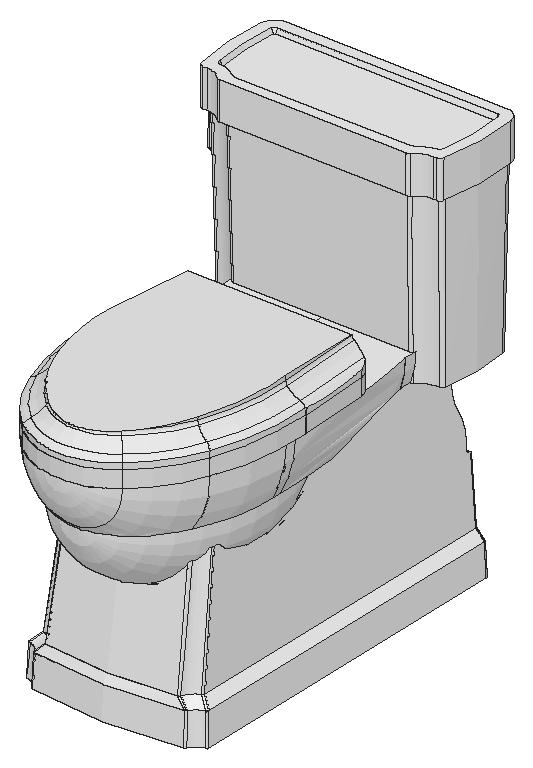
Revit family "Toilet-Elongated_Traditional_Eco-Guinevere_ADA_MS974224CEFG_TOTO", category Plumbing Fixtures, host Face, Revit 2013
Parameters (values of type "MS974224CEFG")
  ecoScorecard_data = "http://toto.ecoscorecard.com/product/MS974224CEFG"
  ecoScorecard Product Page = "http://toto.ecoscorecard.com/product/MS974224CEFG"
  Width = 18"  # constant formula
  WaterSense = yes
  Waste Connection NPT Radius = 1 3/32"
  Waste Connection = yes
  Warranty URL = "http://www.totousa.com/warranty-registration"
  Warranty = "One Year Limited Warranty"  # constant formula
  WFU = 0
  Vent Connection = yes
  URL = "http://www.totousa.com"
  Toto BIM Number = "BM-00133"  # constant formula
  Subcategory = "Toilets"  # constant formula
  Style = "Traditional"  # constant formula
  Spec Sheet URL = "http://assets.totousa.com/product-files/SS-00377_MS974224CEF_G.pdf"
  Shipping Weight = 120.00 lbf
  Series = "Eco Guinevere"  # constant formula
  SanoGloss Note = "Ebony not available in SanoGloss"  # constant formula
  SanoGloss Available = yes
  Rough in Distance = 12"
  Rough in Availability = "10”, 12”, 14”"  # constant formula
  Product Page URL = " "
  Parts Manual URL = " "
  Mount Type = "Floor-Mounted"  # constant formula
  Model = "MS974224CEFG"
  Manufacturer Phone - Toll Free = "1-888-295-8134"  # constant formula
  Manufacturer Phone = "(770) 282-8686"  # constant formula
  Manufacturer Fax = "(770) 282-0002"  # constant formula
  Manufacturer Email = "mailto:custservice@totousa.com"
  Manufacturer Address = "1155 Southern Road, Morrow, Georgia 30260"  # constant formula
  Manufacturer = "TOTO USA, Inc."  # constant formula
  Lid [instance] = yes
  Length = 28 1/4"  # constant formula
  Installation URL = " "
  Industry Standards = "Meets and exceeds ASME A112.19.2/CSA B45.1"  # constant formula
  Height = 28 3/8"  # constant formula
  HWFU = 0
  HW Connection = no
  Gallons Per Flush = 1.28 gal
  Flush System = "Double Cyclon"  # constant formula
  Finish = Vitreous China - TOTO - 01 Cotton
  Description = "Eco GuinevereÂ® Toilet, 1.28 GPF - ADA with SanaGlossÂ®"  # constant formula
  Default Elevation = 0"
  Cost Info = "mailto:custservice@totousa.com "
  Color Availability = "#01 Cotton, #03 Bone, #11 Colonial White, #12 Sedona Beige, #51 Ebony"  # constant formula
  Cold Water Connection NPT Radius = 1/4"
  Code Compliance = "UPC, IPC, NSPC, NPC Canada, and others"  # constant formula
  Certifications = "IAPMO (cUPC), State of Massachusetts, City of Los Angeles, and others"  # constant formula
  CWFU = 0
  CW Connection = yes
  CAD Drawing URL = "http://assets.totousa.com/product-files/AD-00181_MS974224C.dxf"
  Bowl Material = "Vitreous China"  # constant formula
  Assembly Code = "D2010110"
  ADA Compliant = yes
  95 CSI = "15410-800"  # constant formula
  04 CSI = "22 42 13"  # constant formula
Reference planes (in)
  plane 1 "Center (Front/Back)": y = 0
  plane 2: z = 0
  plane 3 "Center (Left/Right)": x = 0
  plane 4: y = -14.125
  plane 5: y = 14.125
  plane 6: z = 28.375
  plane 7: x = 7
  plane 8: x = -7
  plane 9: x = 8.425
  plane 10: x = -9.575
  plane 11: z = 16.125
  plane 12: x = -8
  plane 13: z = 4.5
  plane 14 "Wall Closure": y = 14.875
  plane 15: z = 25.875
  plane 16: z = 14.2625
  plane 17: x = 6.0625
  plane 18: x = -6.0625
  plane 19: z = 2.125
  plane 20: z = 2.75
  plane 21: z = 12.585
  plane 22: z = 10.35128
  plane 23: y = 10.25
  plane 24: z = 24.6375
  plane 25: x = -9.22239
  plane 26: y = 10.28785
  plane 27: y = 2.875
  plane 28: z = 15.71156
  plane 29: z = 17.25
  plane 30: z = 19.125
  plane 31: y = 11.84154
  plane 32: y = -10.442
Forms (in)
  Extrusion 1, solid, material "Metal", detail levels fine
    sketch origin (-60, 14.875, 48) x (-1, 0, 0) y (0, 0, -1)
      loop
        circle (-52, 43.5) r 0.25
    from 0 to -0.25
  Extrusion 2, solid, material "Vitreous China - TOTO - 01 Cotton" <- "Finish"
    sketch origin (16, -180, 28.375) x (-1, 0, 0) y (0, -1, 0)
      loop
        arc (7.69655, -193.12577) -> (8.00813, -193.72923) -> (8.63637, -193.98722) r 0.98424
        arc (8.63637, -193.98722) -> (16, -194.125) -> (23.36363, -193.98722) r 196.84764
        arc (23.36363, -193.98722) -> (23.99187, -193.72923) -> (24.30345, -193.12577) r 0.98424
        arc (24.30345, -193.12577) -> (24.4104, -190.49241) -> (24.07668, -187.8781) r 15.74781
        arc (24.07668, -187.8781) -> (23.96674, -187.69909) -> (23.76869, -187.62903) r 0.31496
        line (23.76869, -187.62903) -> (23.51533, -187.62903)
        arc (23.51533, -187.62903) -> (22.89555, -187.50194) -> (22.37581, -187.14118) r 1.57478
        arc (22.37581, -187.14118) -> (22.28313, -187.07412) -> (22.1726, -187.04459) r 0.31496
        arc (22.1726, -187.04459) -> (16, -186.80227) -> (9.8274, -187.04459) r 78.73906
        arc (9.8274, -187.04459) -> (9.71687, -187.07412) -> (9.62419, -187.14118) r 0.31496
        arc (9.62419, -187.14118) -> (9.10445, -187.50194) -> (8.48467, -187.62903) r 1.57478
        line (8.48467, -187.62903) -> (8.23131, -187.62903)
        arc (8.23131, -187.62903) -> (8.03326, -187.69909) -> (7.92332, -187.8781) r 0.31496
        arc (7.92332, -187.8781) -> (7.5896, -190.49241) -> (7.69655, -193.12577) r 15.74781
    from -2.5 to 0
  Blend 3, solid, material "Vitreous China - TOTO - 01 Cotton" <- "Finish"
    base sketch origin (16, -180, 25.875) x (-1, 0, 0) y (0, -1, 0)
      loop
        arc (8.78765, -193.87464) -> (16, -194.00689) -> (23.21235, -193.87464) r 196.72953
        arc (23.21235, -193.87464) -> (23.68882, -193.6806) -> (23.92815, -193.2252) r 0.75
        arc (23.92815, -193.2252) -> (24.06058, -190.77519) -> (23.80193, -188.33528) r 15.38844
        arc (23.80193, -188.33528) -> (23.69883, -188.15964) -> (23.50746, -188.08995) r 0.30078
        arc (23.50746, -188.08995) -> (22.79189, -187.95708) -> (22.16879, -187.581) r 2.03572
        arc (22.16879, -187.581) -> (22.0683, -187.51785) -> (21.95295, -187.48989) r 0.36869
        arc (21.95295, -187.48989) -> (15.99975, -187.26321) -> (10.04654, -187.48993) r 78.27812
        arc (10.04654, -187.48993) -> (9.93163, -187.51779) -> (9.83153, -187.58072) r 0.36719
        arc (9.83153, -187.58072) -> (9.20831, -187.95701) -> (8.49253, -188.08995) r 2.03572
        arc (8.49253, -188.08995) -> (8.30117, -188.15964) -> (8.19807, -188.33528) r 0.30078
        arc (8.19807, -188.33528) -> (7.93942, -190.77519) -> (8.07185, -193.2252) r 15.38844
        arc (8.07185, -193.2252) -> (8.31118, -193.6806) -> (8.78765, -193.87464) r 0.75
    top sketch origin (16, -180, 25.875) x (-1, 0, 0) y (0, -1, 0)
      loop
        arc (8.57098, -193.50303) -> (16, -193.64361) -> (23.42902, -193.50303) r 196.36625
        arc (23.42902, -193.50303) -> (23.58706, -193.4388) -> (23.66711, -193.28815) r 0.25
        arc (23.66711, -193.28815) -> (23.81419, -190.95801) -> (23.60121, -188.63296) r 15.13844
        arc (23.60121, -188.63296) -> (23.52179, -188.48889) -> (23.37004, -188.42536) r 0.25
        arc (23.37004, -188.42536) -> (22.66771, -188.27345) -> (22.04294, -187.91848) r 2.37556
        arc (22.04294, -187.91848) -> (21.92152, -187.84897) -> (21.78507, -187.81805) r 0.47266
        arc (21.78507, -187.81805) -> (15.99977, -187.60305) -> (10.21446, -187.81808) r 77.93828
        arc (10.21446, -187.81808) -> (10.07842, -187.84892) -> (9.95736, -187.91824) r 0.47113
        arc (9.95736, -187.91824) -> (9.33247, -188.27338) -> (8.62996, -188.42536) r 2.37556
        arc (8.62996, -188.42536) -> (8.47821, -188.48889) -> (8.39879, -188.63296) r 0.25
        arc (8.39879, -188.63296) -> (8.18581, -190.95801) -> (8.33289, -193.28815) r 15.13844
        arc (8.33289, -193.28815) -> (8.41294, -193.4388) -> (8.57098, -193.50303) r 0.25
    from 0 to -11.6125
  Blend 4, solid, material "Vitreous China - TOTO - 01 Cotton" <- "Finish"
    base sketch origin (0, 0, 0) x (0, 1, 0) y (-1, 0, 0)
      loop
        line (-9.14013, -6.0625) -> (13.875, -6.0625)
        arc (13.875, -6.0625) -> (14.05178, -5.98928) -> (14.125, -5.8125) r 0.25
        line (14.125, -5.8125) -> (14.125, 5.8125)
        arc (14.125, 5.8125) -> (14.05178, 5.98928) -> (13.875, 6.0625) r 0.25
        line (13.875, 6.0625) -> (-9.14013, 6.0625)
        arc (-9.14013, 6.0625) -> (-9.23318, 6.02731) -> (-9.27966, 5.93935) r 0.14063
        arc (-9.27966, 5.93935) -> (-9.4724, 5.46504) -> (-9.87619, 5.15028) r 0.99072
        arc (-9.87619, 5.15028) -> (-9.93064, 5.10926) -> (-9.9594, 5.04745) r 0.14063
        arc (-9.9594, 5.04745) -> (-10.442, 0) -> (-9.9594, -5.04745) r 26.63683
        arc (-9.9594, -5.04745) -> (-9.93064, -5.10926) -> (-9.87619, -5.15028) r 0.14063
        arc (-9.87619, -5.15028) -> (-9.4724, -5.46504) -> (-9.27966, -5.93935) r 0.99072
        arc (-9.27966, -5.93935) -> (-9.23318, -6.02731) -> (-9.14013, -6.0625) r 0.14063
    top sketch origin (0, 0, 0) x (0, 1, 0) y (-1, 0, 0)
      loop
        arc (-9.79186, 5.05962) -> (-9.83176, 5.02771) -> (-9.85281, 4.98115) r 0.10938
        arc (-9.85281, 4.98115) -> (-10.32481, 0) -> (-9.85281, -4.98115) r 26.51965
        arc (-9.85281, -4.98115) -> (-9.83176, -5.02771) -> (-9.79186, -5.05962) r 0.10938
        arc (-9.79186, -5.05962) -> (-9.38714, -5.38363) -> (-9.17415, -5.85629) r 1.10791
        arc (-9.17415, -5.85629) -> (-9.13646, -5.92017) -> (-9.06668, -5.94531) r 0.10938
        line (-9.06668, -5.94531) -> (13.875, -5.94531)
        arc (13.875, -5.94531) -> (13.96891, -5.90641) -> (14.00781, -5.8125) r 0.13281
        line (14.00781, -5.8125) -> (14.00781, 5.8125)
        arc (14.00781, 5.8125) -> (13.96891, 5.90641) -> (13.875, 5.94531) r 0.13281
        line (13.875, 5.94531) -> (-9.06668, 5.94531)
        arc (-9.06668, 5.94531) -> (-9.13646, 5.92017) -> (-9.17415, 5.85629) r 0.10938
        arc (-9.17415, 5.85629) -> (-9.38714, 5.38363) -> (-9.79186, 5.05962) r 1.10791
    from 0 to 2.125
  Blend 5, solid, material "Vitreous China - TOTO - 01 Cotton" <- "Finish"
    base sketch origin (16, -180, 2.125) x (-1, 0, 0) y (0, -1, 0)
      loop
        arc (10.94038, -170.20814) -> (10.61637, -170.61286) -> (10.14371, -170.82585) r 1.10791
        arc (10.14371, -170.82585) -> (10.07983, -170.86354) -> (10.05469, -170.93332) r 0.10938
        line (10.05469, -170.93332) -> (10.05469, -193.875)
        arc (10.05469, -193.875) -> (10.09359, -193.96891) -> (10.1875, -194.00781) r 0.13281
        line (10.1875, -194.00781) -> (21.8125, -194.00781)
        arc (21.8125, -194.00781) -> (21.90641, -193.96891) -> (21.94531, -193.875) r 0.13281
        line (21.94531, -193.875) -> (21.94531, -170.93332)
        arc (21.94531, -170.93332) -> (21.92017, -170.86354) -> (21.85629, -170.82585) r 0.10938
        arc (21.85629, -170.82585) -> (21.38363, -170.61286) -> (21.05962, -170.20814) r 1.10791
        arc (21.05962, -170.20814) -> (21.02771, -170.16824) -> (20.98115, -170.14719) r 0.10938
        arc (20.98115, -170.14719) -> (16, -169.67519) -> (11.01885, -170.14719) r 26.51965
        arc (11.01885, -170.14719) -> (10.97229, -170.16824) -> (10.94038, -170.20814) r 0.10938
    top sketch origin (16, -180, 2.125) x (-1, 0, 0) y (0, -1, 0)
      loop
        arc (20.38459, -170.35024) -> (15.99999, -169.97656) -> (11.61539, -170.35024) r 25.91027
        arc (11.61539, -170.35024) -> (11.5536, -170.37992) -> (11.51676, -170.43772) r 0.125
        arc (11.51676, -170.43772) -> (11.22792, -170.94223) -> (10.745, -171.26589) r 1.27396
        arc (10.745, -171.26589) -> (10.68627, -171.31174) -> (10.66406, -171.38286) r 0.125
        line (10.66406, -171.38286) -> (10.66406, -193.90234)
        arc (10.66406, -193.90234) -> (10.69152, -193.96864) -> (10.75781, -193.99609) r 0.09375
        line (10.75781, -193.99609) -> (21.24255, -193.99609)
        arc (21.24255, -193.99609) -> (21.30859, -193.96874) -> (21.33594, -193.90271) r 0.09338
        line (21.33594, -193.90271) -> (21.33594, -171.38288)
        arc (21.33594, -171.38288) -> (21.31372, -171.31175) -> (21.25498, -171.2659) r 0.125
        arc (21.25498, -171.2659) -> (20.77203, -170.94229) -> (20.48323, -170.43775) r 1.27344
        arc (20.48323, -170.43775) -> (20.44639, -170.37993) -> (20.38459, -170.35024) r 0.125
    from 0 to 0.625
  Revolve 6, solid, material "Vitreous China - TOTO - 01 Cotton" <- "Finish"
    sketch origin (16, -180, 16.125) x (-1, 0, 0) y (0, -1, 0)
      loop
        arc (22.12842, -187.0248) -> (22.78888, -181.96211) -> (23.00959, -176.8613) r 59.05429
        line (23.00959, -176.8613) -> (23.00959, -176.11873)
        arc (23.00959, -176.11873) -> (22.76545, -173.49945) -> (22.04146, -170.9704) r 14.17303
        arc (22.04146, -170.9704) -> (20.9175, -168.8785) -> (19.32521, -167.11669) r 9.84238
        arc (19.32521, -167.11669) -> (17.77481, -166.19537) -> (16, -165.875) r 5.07052
        line (16, -165.875) -> (16, -188.25) -> (22.1256, -188.25) -> (22.1256, -187.05728)
        arc (22.1256, -187.05728) -> (22.12631, -187.04098) -> (22.12842, -187.0248) r 0.18871
      axis (16, -188.25) -> (16, -165.875)
    angle from 0 to 180
  Extrusion 7, void
    sketch origin (0, 0, 0) x (0, 1, 0) y (0, 0, 1)
      loop
        line (-14.125, 4.5) -> (9.17606, 4.5) -> (9.17606, 12.585) -> (-14.125, 12.585) -> (-14.125, 4.5)
    from -9.575 to 8.425
  Revolve 8, solid, material "Vitreous China - TOTO - 01 Cotton" <- "Finish"
    sketch origin (16, -180, 12.585) x (-1, 0, 0) y (0, -1, 0)
      loop
        line (16, -167.35547) -> (16, -176.11873) -> (16, -184.88198)
        spline (16, -184.88198) -> (17.51177, -184.58338) -> (18.92051, -183.70793) -> (20.13023, -182.31529) -> (21.05847, -180.50036) -> (21.642, -178.38682) -> (21.84102, -176.11873) -> (21.642, -173.85063) -> (21.05847, -171.7371) -> (20.13023, -169.92217) -> (18.92051, -168.52952) -> (17.51177, -167.65407) -> (16, -167.35547)
      axis (16, -184.88198) -> (16, -167.35547)
    angle from 0 to 180
  Blend 9, solid, material "Vitreous China - TOTO - 01 Cotton" <- "Finish"
    base sketch origin (16.25, -180, 2.75) x (-1, 0, 0) y (0, -1, 0)
      loop
        arc (21.58594, -171.38288) -> (21.56372, -171.31175) -> (21.50498, -171.2659) r 0.125
        arc (21.50498, -171.2659) -> (21.02203, -170.94229) -> (20.73323, -170.43775) r 1.27344
        arc (20.73323, -170.43775) -> (20.69639, -170.37993) -> (20.63459, -170.35024) r 0.125
        arc (20.63459, -170.35024) -> (16.24999, -169.97656) -> (11.86539, -170.35024) r 25.91027
        arc (11.86539, -170.35024) -> (11.8036, -170.37992) -> (11.76676, -170.43772) r 0.125
        arc (11.76676, -170.43772) -> (11.47792, -170.94223) -> (10.995, -171.26589) r 1.27396
        arc (10.995, -171.26589) -> (10.93627, -171.31174) -> (10.91406, -171.38286) r 0.125
        line (10.91406, -171.38286) -> (10.91406, -193.90234)
        arc (10.91406, -193.90234) -> (10.94152, -193.96864) -> (11.00781, -193.99609) r 0.09375
        line (11.00781, -193.99609) -> (21.49255, -193.99609)
        arc (21.49255, -193.99609) -> (21.55859, -193.96874) -> (21.58594, -193.90271) r 0.09338
        line (21.58594, -193.90271) -> (21.58594, -171.38288)
    top sketch origin (16.25, -180, 2.75) x (-1, 0, 0) y (0, -1, 0)
      loop
        line (11.28012, -173.04191) -> (11.28012, -193.23306)
        arc (11.28012, -193.23306) -> (11.29843, -193.27725) -> (11.34262, -193.29556) r 0.0625
        line (11.34262, -193.29556) -> (20.65578, -193.29556)
        arc (20.65578, -193.29556) -> (20.7011, -193.27679) -> (20.71988, -193.23147) r 0.06409
        line (20.71988, -193.23147) -> (20.71988, -173.04191)
        arc (20.71988, -173.04191) -> (20.70328, -172.97773) -> (20.65767, -172.92963) r 0.13245
        arc (20.65767, -172.92963) -> (20.30811, -172.65129) -> (20.03014, -172.30144) r 1.97318
        arc (20.03014, -172.30144) -> (19.92898, -172.19782) -> (19.79379, -172.14593) r 0.33868
        arc (19.79379, -172.14593) -> (16, -171.85885) -> (12.20621, -172.14593) r 25.21105
        arc (12.20621, -172.14593) -> (12.07102, -172.19782) -> (11.96986, -172.30144) r 0.33868
        arc (11.96986, -172.30144) -> (11.69189, -172.65129) -> (11.34233, -172.92963) r 1.97318
        arc (11.34233, -172.92963) -> (11.29672, -172.97773) -> (11.28012, -173.04191) r 0.13245
    from 0 to 12.96156
  Revolve 10, void
    sketch origin (16, -180, 16.125) x (-1, 0, 0) y (0, -1, 0)
      loop
        arc (13.78144, -168.18391) -> (12.46224, -169.64354) -> (11.531, -171.37663) r 8.15488
        arc (11.531, -171.37663) -> (10.8933, -173.60443) -> (10.67826, -175.9117) r 12.48553
        line (10.67826, -175.9117) -> (10.67826, -176.65427)
        arc (10.67826, -176.65427) -> (12.25254, -180.33152) -> (16, -181.73047) r 5.08187
        line (16, -181.73047) -> (16, -167.35547)
        arc (16, -167.35547) -> (14.81586, -167.56922) -> (13.78144, -168.18391) r 3.38302
      axis (16, -167.35547) -> (16, -181.73047)
    angle from 0 to 180
  Extrusion 11, void
    sketch origin (16, -180, 16.125) x (0, -1, 0) y (-1, 0, 0)
      loop
        line (-165.875, 24) -> (-179.5, 24) -> (-179.5, 20.71988)
        arc (-179.5, 20.71988) -> (-182.26642, 16) -> (-179.5, 11.28012) r 5.40957
        line (-179.5, 11.28012) -> (-179.5, 7.575) -> (-165.875, 7.575) -> (-165.875, 24)
    from 0 to 5.19953
  Revolve 12, solid, material "Polished Chrome", detail levels fine
    sketch origin (16, -180, 24.6375) x (-1, 0, 0) y (0, -1, 0)
      loop
        line (23.81073, -190.4394) -> (23.89479, -191.2224) -> (24.06947, -191.20364)
        arc (24.06947, -191.20364) -> (24.31105, -191.1134) -> (24.51875, -190.96055) r 0.9342
        line (24.51875, -190.96055) -> (24.51492, -190.92494)
        arc (24.51492, -190.92494) -> (24.52237, -190.89961) -> (24.54554, -190.88696) r 0.03449
        line (24.54554, -190.88696) -> (24.60722, -190.88034)
        arc (24.60722, -190.88034) -> (24.64734, -190.85844) -> (24.66022, -190.81458) r 0.05973
        line (24.66022, -190.81458) -> (24.63157, -190.54767) -> (24.66264, -190.54433) -> (24.68349, -190.73849)
        arc (24.68349, -190.73849) -> (24.69784, -190.76479) -> (24.72659, -190.77323) r 0.03915
        line (24.72659, -190.77323) -> (24.91565, -190.75294) -> (24.9195, -190.78879)
        arc (24.9195, -190.78879) -> (24.92659, -190.8031) -> (24.94128, -190.80936) r 0.02306
        arc (24.94128, -190.80936) -> (25.23654, -190.801) -> (25.52694, -190.747) r 1.90076
        arc (25.52694, -190.747) -> (25.54382, -190.73642) -> (25.55184, -190.71817) r 0.0339
        arc (25.55184, -190.71817) -> (25.57116, -190.48447) -> (25.575, -190.25) r 3.5473
        line (25.575, -190.25) -> (23.81073, -190.4394)
      axis (25.575, -190.25) -> (23.81073, -190.4394)
    angle from 0 to 360
  Revolve 13, solid, material "Polished Chrome", detail levels fine
    sketch origin (-9.22239, 29.16285, 48) x (0, -1, 0) y (0, 0, 1)
      loop
        line (18.875, -23.71289) -> (18.875, -26.17203) -> (19.0176, -26.17203)
        arc (19.0176, -26.17203) -> (19.04924, -26.15893) -> (19.06235, -26.12729) r 0.04475
        arc (19.06235, -26.12729) -> (19.08053, -26.0817) -> (19.12508, -26.06113) r 0.06625
        arc (19.12508, -26.06113) -> (19.14418, -26.05312) -> (19.15186, -26.03387) r 0.02679
        line (19.15186, -26.03387) -> (19.11328, -23.87033)
        arc (19.11328, -23.87033) -> (19.10668, -23.85377) -> (19.09023, -23.84687) r 0.02305
        arc (19.09023, -23.84687) -> (19.05189, -23.82916) -> (19.03625, -23.78993) r 0.05702
        arc (19.03625, -23.78993) -> (19.02497, -23.7627) -> (18.99773, -23.75142) r 0.03851
        line (18.99773, -23.75142) -> (18.95677, -23.75142) -> (18.95677, -23.71289) -> (18.875, -23.71289)
      axis (18.875, -23.71289) -> (18.875, -26.17203)
    angle from 0 to 360
  Extrusion 14, void
    sketch origin (16, -180, 14.2625) x (0, -1, 0) y (-1, 0, 0)
      loop
        line (-180.32216, 16.49145) -> (-180.32216, 15.50855)
        arc (-180.32216, 15.50855) -> (-180.13324, 15.0828) -> (-179.6908, 14.93719) r 0.57422
        line (-179.6908, 14.93719) -> (-177.66884, 15.13938)
        arc (-177.66884, 15.13938) -> (-177.54848, 15.20014) -> (-177.5, 15.32595) r 0.1875
        line (-177.5, 15.32595) -> (-177.5, 16.67076)
        arc (-177.5, 16.67076) -> (-177.54887, 16.7976) -> (-177.67022, 16.85886) r 0.18903
        line (-177.67022, 16.85886) -> (-179.6927, 17.0611)
        arc (-179.6927, 17.0611) -> (-180.13381, 16.91593) -> (-180.32216, 16.49145) r 0.5725
    from 0 to 3.33703
  Extrusion 15, void
    sketch origin (-9.575, 29.125, 48) x (0, 1, 0) y (0, 0, 1)
      loop
        line (-20.875, -33.7375) -> (-21.20652, -33.7375)
        arc (-21.20652, -33.7375) -> (-24.62406, -34.15815) -> (-27.83758, -35.39498) r 14.09319
        arc (-27.83758, -35.39498) -> (-27.87641, -35.40992) -> (-27.91769, -35.415) r 0.17026
        line (-27.91769, -35.415) -> (-20.875, -35.415) -> (-20.875, -33.7375)
    from 0 to 5.50391
  Extrusion 16, void
    sketch origin (9.575, 29.125, 48) x (0, 1, 0) y (0, 0, -1)
      loop
        line (-20.875, 33.7375) -> (-20.875, 35.415) -> (-27.91769, 35.415)
        arc (-27.91769, 35.415) -> (-27.87641, 35.40992) -> (-27.83758, 35.39498) r 0.17026
        arc (-27.83758, 35.39498) -> (-24.62406, 34.15815) -> (-21.20652, 33.7375) r 14.09319
        line (-21.20652, 33.7375) -> (-20.875, 33.7375)
    from 1.15 to 5.50391
  Extrusion 17, void
    sketch origin (-9.575, 29.125, 48) x (0, 1, 0) y (0, 0, 1)
      loop
        line (-15, -33.7375) -> (-15.75141, -33.7375)
        arc (-15.75141, -33.7375) -> (-16.87306, -35.64641) -> (-16.44172, -37.81804) r 3.11229
        arc (-16.44172, -37.81804) -> (-15.98695, -38.83697) -> (-15.83132, -39.94187) r 4
        line (-15.83132, -39.94187) -> (-15.83132, -40.43687)
        arc (-15.83132, -40.43687) -> (-15.7724, -40.57909) -> (-15.63018, -40.63801) r 0.20114
        line (-15.63018, -40.63801) -> (-15.53931, -40.63801)
        arc (-15.53931, -40.63801) -> (-15.42009, -40.68497) -> (-15.36493, -40.80062) r 0.17481
        line (-15.36493, -40.80062) -> (-15.34967, -41.01878) -> (-15, -41.01878) -> (-15, -33.7375)
    from 0 to 18
  Extrusion 18, solid, material "Polypropylene"
    sketch origin (16, -180, 16.125) x (-1, 0, 0) y (0, -1, 0)
      loop
        arc (20, -176) -> (19.5902, -172.52955) -> (18.38336, -169.25) r 14.90003
        arc (18.38336, -169.25) -> (17.55365, -168.33787) -> (16.36779, -168) r 2.25
        line (16.36779, -168) -> (15.63221, -168)
        arc (15.63221, -168) -> (14.44635, -168.33787) -> (13.61664, -169.25) r 2.25
        arc (13.61664, -169.25) -> (12.4098, -172.52955) -> (12, -176) r 14.90003
        arc (12, -176) -> (16, -180) -> (20, -176) r 4
      loop
        arc (9.95854, -170.9704) -> (9.07358, -174.22604) -> (8.89811, -177.59524) r 15.84122
        arc (8.89811, -177.59524) -> (8.89927, -177.62291) -> (8.89972, -177.65061) r 1.08256
        arc (8.89972, -177.65061) -> (8.97398, -180.11857) -> (9.17941, -182.57909) r 46.40605
        arc (9.17941, -182.57909) -> (9.50617, -183.21429) -> (10.17337, -183.46941) r 1
        line (10.17337, -183.46941) -> (10.43571, -183.46941)
        arc (10.43571, -183.46941) -> (10.5359, -183.51091) -> (10.57739, -183.61109) r 0.14168
        line (10.57739, -183.61109) -> (10.57739, -183.875) -> (11.30469, -183.875)
        arc (11.30469, -183.875) -> (11.44279, -183.81779) -> (11.5, -183.67969) r 0.19531
        line (11.5, -183.67969) -> (11.5, -182.375) -> (20.5, -182.375) -> (20.5, -183.68088)
        arc (20.5, -183.68088) -> (20.55686, -183.81814) -> (20.69412, -183.875) r 0.19412
        line (20.69412, -183.875) -> (21.42261, -183.875) -> (21.42261, -183.61109)
        arc (21.42261, -183.61109) -> (21.4641, -183.51091) -> (21.56429, -183.46941) r 0.14168
        line (21.56429, -183.46941) -> (21.82663, -183.46941)
        arc (21.82663, -183.46941) -> (22.49383, -183.21429) -> (22.82059, -182.57909) r 1
        arc (22.82059, -182.57909) -> (23.02602, -180.11857) -> (23.10028, -177.65061) r 46.40605
        arc (23.10028, -177.65061) -> (23.10073, -177.62291) -> (23.10189, -177.59524) r 1.08256
        arc (23.10189, -177.59524) -> (22.92642, -174.22604) -> (22.04146, -170.9704) r 15.84122
        arc (22.04146, -170.9704) -> (20.9175, -168.8785) -> (19.32521, -167.11669) r 9.84238
        arc (19.32521, -167.11669) -> (16, -165.87462) -> (12.67479, -167.11669) r 5.07209
        arc (12.67479, -167.11669) -> (11.0825, -168.8785) -> (9.95854, -170.9704) r 9.84238
    from 0 to 1.125
  Extrusion 19, solid, material "Polypropylene", visible <- "Lid"
    sketch origin (16, -180, 17.25) x (-1, 0, 0) y (0, -1, 0)
      loop
        arc (9.95854, -170.9704) -> (9.07358, -174.22604) -> (8.89811, -177.59524) r 15.84122
        arc (8.89811, -177.59524) -> (8.89927, -177.62291) -> (8.89972, -177.65061) r 1.08256
        arc (8.89972, -177.65061) -> (8.97398, -180.11857) -> (9.17941, -182.57909) r 46.40605
        arc (9.17941, -182.57909) -> (9.50617, -183.21429) -> (10.17337, -183.46941) r 1
        line (10.17337, -183.46941) -> (21.82663, -183.46941)
        arc (21.82663, -183.46941) -> (22.49383, -183.21429) -> (22.82059, -182.57909) r 1
        arc (22.82059, -182.57909) -> (23.02602, -180.11857) -> (23.10028, -177.65061) r 46.40605
        arc (23.10028, -177.65061) -> (23.10073, -177.62291) -> (23.10189, -177.59524) r 1.08256
        arc (23.10189, -177.59524) -> (22.92642, -174.22604) -> (22.04146, -170.9704) r 15.84122
        arc (22.04146, -170.9704) -> (20.9175, -168.8785) -> (19.32521, -167.11669) r 9.84238
        arc (19.32521, -167.11669) -> (16, -165.87462) -> (12.67479, -167.11669) r 5.07209
        arc (12.67479, -167.11669) -> (11.0825, -168.8785) -> (9.95854, -170.9704) r 9.84238
    from 0 to 2.84922
  Sweep 20, void
    path origin (16, -180, 17.25) x (-1, 0, 0) y (0, -1, 0)
      loop
        line (22.6512, -185.83292) -> (23.10189, -177.59524)
        arc (23.10189, -177.59524) -> (22.92642, -174.22604) -> (22.04146, -170.9704) r 15.84122
        arc (22.04146, -170.9704) -> (20.9175, -168.8785) -> (19.32521, -167.11669) r 9.84238
        arc (19.32521, -167.11669) -> (16, -165.87462) -> (12.67479, -167.11669) r 5.07209
        arc (12.67479, -167.11669) -> (11.0825, -168.8785) -> (9.95854, -170.9704) r 9.84238
        arc (9.95854, -170.9704) -> (9.07358, -174.22604) -> (8.89811, -177.59524) r 15.84122
        line (8.89811, -177.59524) -> (9.3488, -185.83292)
    profile origin (0, -14.12538, 17.25) x (0, 1, 0) y (0, 0, 1)
      loop
        arc (0.40842, 0.70689) -> (0.83784, 0.99347) -> (1.21767, 1.34313) r 3.32173
        arc (1.21767, 1.34313) -> (1.2935, 1.46363) -> (1.32, 1.6035) r 0.38241
        line (1.32, 1.6035) -> (1.32, 2.70847) -> (-0.75, 2.70847) -> (-0.75, 0.29847) -> (-0.09594, 0.29847)
        arc (-0.09594, 0.29847) -> (0.13885, 0.52416) -> (0.40842, 0.70689) r 1.91829
  Extrusion 21, void
    sketch origin (-8, 29.125, 48) x (0, 1, 0) y (0, 0, 1)
      loop
        arc (-41.93038, -29.29153) -> (-32.80538, -28.875) -> (-23.68038, -29.29153) r 100.15872
        line (-23.68038, -29.29153) -> (-23.68038, -26.79153) -> (-44.43038, -26.79153) -> (-44.43038, -29.29153) -> (-41.93038, -29.29153)
    from -1.22239 to 16.425
  Extrusion 22, solid, material "Polypropylene", visible <- "Lid"
    sketch origin (-8, 29.125, 48) x (0, -1, 0) y (0, 0, 1)
      loop
        line (25.7372, -29.49585) -> (25.365, -30.25449)
        arc (25.365, -30.25449) -> (25.42025, -31.34505) -> (26.375, -31.875) r 1.125
        line (26.375, -31.875) -> (26.375, -29.49585) -> (25.7372, -29.49585)
    from -3.5 to -2.57739
  Extrusion 23, solid, material "Polypropylene", visible <- "Lid"
    sketch origin (7.875, 29.125, 48) x (0, -1, 0) y (0, 0, -1)
      loop
        line (25.7372, 29.49585) -> (26.375, 29.49585) -> (26.375, 31.875)
        arc (26.375, 31.875) -> (25.42025, 31.34505) -> (25.365, 30.25449) r 1.125
        line (25.365, 30.25449) -> (25.7372, 29.49585)
    from -3.375 to -2.45239
  Extrusion 24, void
    sketch origin (-8, 29.125, 48) x (0, 1, 0) y (0, 0, 1)
      loop
        arc (-25.25, -30.75) -> (-25.5795, -31.5455) -> (-26.375, -31.875) r 1.125
        line (-26.375, -31.875) -> (-25.25, -31.875) -> (-25.25, -30.75)
    from 0 to 16.425
  Blend 25, void
    base sketch origin (16, -180, 28.375) x (0, -1, 0) y (1, 0, 0)
      loop
        arc (-193.23775, -23.33557) -> (-193.17635, -23.48509) -> (-193.03273, -23.55924) r 0.23424
        arc (-193.03273, -23.55924) -> (-190.84229, -23.67145) -> (-188.6589, -23.46298) r 14.99781
        arc (-188.6589, -23.46298) -> (-188.45441, -23.35661) -> (-188.3503, -23.15096) r 0.37632
        arc (-188.3503, -23.15096) -> (-188.18853, -22.59367) -> (-187.89378, -22.0938) r 2.32478
        arc (-187.89378, -22.0938) -> (-187.80476, -21.93537) -> (-187.76512, -21.75802) r 0.62455
        arc (-187.76512, -21.75802) -> (-187.55227, -16.00007) -> (-187.76511, -10.24211) r 77.98906
        arc (-187.76511, -10.24211) -> (-187.80477, -10.06465) -> (-187.89384, -9.90611) r 0.625
        arc (-187.89384, -9.90611) -> (-188.18871, -9.40591) -> (-188.35042, -8.84823) r 2.32478
        arc (-188.35042, -8.84823) -> (-188.45414, -8.64323) -> (-188.65794, -8.53718) r 0.375
        arc (-188.65794, -8.53718) -> (-190.8418, -8.32856) -> (-193.03273, -8.44076) r 14.99781
        arc (-193.03273, -8.44076) -> (-193.17635, -8.51491) -> (-193.23775, -8.66443) r 0.23424
        arc (-193.23775, -8.66443) -> (-193.375, -16) -> (-193.23775, -23.33557) r 196.09764
    top sketch origin (16, -180, 28.375) x (0, -1, 0) y (1, 0, 0)
      loop
        arc (-193.01722, -23.43521) -> (-190.84504, -23.54648) -> (-188.67985, -23.33975) r 14.87281
        arc (-188.67985, -23.33975) -> (-188.54328, -23.26871) -> (-188.47375, -23.13137) r 0.25132
        arc (-188.47375, -23.13137) -> (-188.30328, -22.54412) -> (-187.99269, -22.01737) r 2.44978
        arc (-187.99269, -22.01737) -> (-187.92148, -21.89065) -> (-187.88978, -21.74879) r 0.49955
        arc (-187.88978, -21.74879) -> (-187.67727, -16.00007) -> (-187.88977, -10.25134) r 77.86406
        arc (-187.88977, -10.25134) -> (-187.9215, -10.10937) -> (-187.99275, -9.98254) r 0.5
        arc (-187.99275, -9.98254) -> (-188.30348, -9.45544) -> (-188.47389, -8.86778) r 2.44978
        arc (-188.47389, -8.86778) -> (-188.54303, -8.73111) -> (-188.6789, -8.66042) r 0.25
        arc (-188.6789, -8.66042) -> (-190.84456, -8.45353) -> (-193.01722, -8.56479) r 14.87281
        arc (-193.01722, -8.56479) -> (-193.0842, -8.59938) -> (-193.11284, -8.6691) r 0.10924
        arc (-193.11284, -8.6691) -> (-193.25, -16) -> (-193.11284, -23.3309) r 195.97264
        arc (-193.11284, -23.3309) -> (-193.0842, -23.40062) -> (-193.01722, -23.43521) r 0.10924
    from 0 to -0.31716
  Extrusion 26, void
    sketch origin (0, 0, 0) x (0, 1, 0) y (1, 0, 0)
      loop
        circle (11.84154, 0) r 1.09375
    from 0 to -0.5
Cuts and joins
  Extrusion 7, Revolve 10, Extrusion 14, Extrusion 15, Extrusion 16, Extrusion 17, Extrusion 24 cuts Revolve 6
  Revolve 10, Extrusion 14, Extrusion 16, Extrusion 24 cuts Revolve 8
  joined: Revolve 6, Revolve 8
  Extrusion 11, Extrusion 14, Extrusion 17 cuts Blend 9
  joined: Revolve 12, Revolve 13
  Sweep 20, Extrusion 21, Extrusion 24 cuts Extrusion 19
  Extrusion 24 cuts Extrusion 18
  Blend 25 cuts Extrusion 2
  Extrusion 17 cuts Blend 3
  Extrusion 26 cuts Blend 4
Lines and regions (in)
  Masking region 1
    outline origin (0, 0, 0) x (1, 0, 0) y (0, 1, 0)
      loop
        arc (6.37581, 7.14118) -> (6.89555, 7.50194) -> (7.51533, 7.62903) r 1.57478
        line (7.51533, 7.62903) -> (7.76869, 7.62903)
        arc (7.76869, 7.62903) -> (7.96674, 7.69909) -> (8.07668, 7.8781) r 0.31496
        arc (8.07668, 7.8781) -> (8.4104, 10.49241) -> (8.30345, 13.12577) r 15.74781
        arc (8.30345, 13.12577) -> (7.99187, 13.72923) -> (7.36363, 13.98722) r 0.98424
        arc (7.36363, 13.98722) -> (0, 14.125) -> (-7.36363, 13.98722) r 196.84764
        arc (-7.36363, 13.98722) -> (-7.99187, 13.72923) -> (-8.30345, 13.12577) r 0.98424
        arc (-8.30345, 13.12577) -> (-8.4104, 10.49241) -> (-8.07668, 7.8781) r 15.74781
        arc (-8.07668, 7.8781) -> (-7.96674, 7.69909) -> (-7.76869, 7.62903) r 0.31496
        line (-7.76869, 7.62903) -> (-7.51533, 7.62903)
        arc (-7.51533, 7.62903) -> (-6.89555, 7.50194) -> (-6.37581, 7.14118) r 1.57478
        arc (-6.37581, 7.14118) -> (-6.26124, 7.06471) -> (-6.12498, 7.04445) r 0.31496
        arc (-6.12498, 7.04445) -> (-6.37979, 5.46289) -> (-6.59161, 3.875) r 59.05429
        arc (-6.59161, 3.875) -> (-6.644, 3.42219) -> (-6.69289, 2.969) r 59.05429
        arc (-6.69289, 2.969) -> (-6.77695, 2.78066) -> (-6.82059, 2.57909) r 1
        arc (-6.82059, 2.57909) -> (-7.02602, 0.11857) -> (-7.10028, -2.34939) r 46.40605
        arc (-7.10028, -2.34939) -> (-7.10073, -2.37709) -> (-7.10189, -2.40476) r 1.08256
        arc (-7.10189, -2.40476) -> (-6.92642, -5.77396) -> (-6.04146, -9.0296) r 15.84122
        arc (-6.04146, -9.0296) -> (-4.9175, -11.1215) -> (-3.32521, -12.88331) r 9.84238
        arc (-3.32521, -12.88331) -> (0, -14.12538) -> (3.32521, -12.88331) r 5.07209
        arc (3.32521, -12.88331) -> (4.9175, -11.1215) -> (6.04146, -9.0296) r 9.84238
        arc (6.04146, -9.0296) -> (6.92642, -5.77396) -> (7.10189, -2.40476) r 15.84122
        arc (7.10189, -2.40476) -> (7.10073, -2.37709) -> (7.10028, -2.34939) r 1.08256
        arc (7.10028, -2.34939) -> (7.02602, 0.11857) -> (6.82059, 2.57909) r 46.40605
        arc (6.82059, 2.57909) -> (6.77695, 2.78066) -> (6.69289, 2.969) r 1
        arc (6.69289, 2.969) -> (6.644, 3.42219) -> (6.59161, 3.875) r 59.05429
        arc (6.59161, 3.875) -> (6.38005, 5.46111) -> (6.1256, 7.0409) r 59.05429
        arc (6.1256, 7.0409) -> (6.1491, 7.04274) -> (6.1726, 7.04459) r 78.73906
        arc (6.1726, 7.04459) -> (6.28313, 7.07412) -> (6.37581, 7.14118) r 0.31496
  symbolic lines
    curve 1: arc (-4, -4, 28.375) -> (0, 0, 28.375) -> (4, -4, 28.375) r 4
    curve 2: arc (4, -4, 28.375) -> (3.5902, -7.47045, 28.375) -> (2.38336, -10.75, 28.375) r 14.90003
    curve 3: arc (-2.38336, -10.75, 28.375) -> (-3.5902, -7.47045, 28.375) -> (-4, -4, 28.375) r 14.90003
    curve 4: arc (-0.36779, -12, 28.375) -> (-1.55365, -11.66213, 28.375) -> (-2.38336, -10.75, 28.375) r 2.25
    curve 5: line (0.36779, -12, 28.375) -> (-0.36779, -12, 28.375)
    curve 6: arc (2.38336, -10.75, 28.375) -> (1.55365, -11.66213, 28.375) -> (0.36779, -12, 28.375) r 2.25
    curve 7: line (0.86062, -2.33116, 28.375) -> (1.06281, -0.3092, 28.375)
    curve 8: line (-1.0611, -0.3073, 28.375) -> (-0.85886, -2.32978, 28.375)
    curve 9: arc (-1.0611, -0.3073, 28.375) -> (-1.06334, -0.22398, 28.375) -> (-1.05345, -0.14121, 28.375) r 0.5725
    curve 10: arc (1.05494, -0.14162, 28.375) -> (1.06503, -0.22512, 28.375) -> (1.06281, -0.3092, 28.375) r 0.57422
    curve 11: arc (-0.67076, -2.5, 28.375) -> (-0.7976, -2.45113, 28.375) -> (-0.85886, -2.32978, 28.375) r 0.18903
    curve 12: arc (0.86062, -2.33116, 28.375) -> (0.79986, -2.45152, 28.375) -> (0.67405, -2.5, 28.375) r 0.1875
    curve 13: line (-0.67076, -2.5, 28.375) -> (0.67405, -2.5, 28.375)
    curve 14: arc (-6.12634, 7.04096, 28.375) -> (-0.00037, 6.80227, 28.375) -> (6.1256, 7.0409, 28.375) r 78.73906
    curve 15: line (4.5, 2.375, 28.375) -> (-4.5, 2.375, 28.375)
    curve 16: line (-4.5, 2.375, 28.375) -> (-4.5, 3.68088, 28.375)
    curve 17: line (4.5, 3.67969, 28.375) -> (4.5, 2.375, 28.375)
    curve 18: arc (4.69531, 3.875, 28.375) -> (4.55721, 3.81779, 28.375) -> (4.5, 3.67969, 28.375) r 0.19531
    curve 19: line (5.42261, 3.875, 28.375) -> (4.69531, 3.875, 28.375)
    curve 20: line (5.42261, 3.61109, 28.375) -> (5.42261, 3.875, 28.375)
    curve 21: arc (5.56429, 3.46941, 28.375) -> (5.4641, 3.51091, 28.375) -> (5.42261, 3.61109, 28.375) r 0.14168
    curve 22: arc (-4.5, 3.68088, 28.375) -> (-4.55686, 3.81814, 28.375) -> (-4.69412, 3.875, 28.375) r 0.19412
    curve 23: line (-4.69412, 3.875, 28.375) -> (-5.42261, 3.875, 28.375)
    curve 24: line (-5.42261, 3.875, 28.375) -> (-5.42261, 3.61109, 28.375)
    curve 25: arc (-5.42261, 3.61109, 28.375) -> (-5.4641, 3.51091, 28.375) -> (-5.56429, 3.46941, 28.375) r 0.14168
    curve 26: line (-5.56429, 3.46941, 28.375) -> (-5.82663, 3.46941, 28.375)
    curve 27: arc (-5.82663, 3.46941, 28.375) -> (-6.49383, 3.21429, 28.375) -> (-6.82059, 2.57909, 28.375) r 1
    curve 28: arc (6.82059, 2.57909, 28.375) -> (6.49383, 3.21429, 28.375) -> (5.82663, 3.46941, 28.375) r 1
    curve 29: line (5.82663, 3.46941, 28.375) -> (5.56429, 3.46941, 28.375)
    curve 30: arc (7.55924, 13.03273, 28.375) -> (7.67144, 10.8418, 28.375) -> (7.46282, 8.65794, 28.375) r 14.99781
    curve 31: arc (7.46282, 8.65794, 28.375) -> (7.35677, 8.45414, 28.375) -> (7.15177, 8.35042, 28.375) r 0.375
    curve 32: arc (7.15177, 8.35042, 28.375) -> (6.59409, 8.18871, 28.375) -> (6.09389, 7.89384, 28.375) r 2.32478
    curve 33: arc (5.75789, 7.76511, 28.375) -> (-0.00007, 7.55227, 28.375) -> (-5.75802, 7.76512, 28.375) r 77.98906
    curve 34: arc (6.09389, 7.89384, 28.375) -> (5.93535, 7.80477, 28.375) -> (5.75789, 7.76511, 28.375) r 0.625
    curve 35: arc (-5.75802, 7.76512, 28.375) -> (-5.93537, 7.80476, 28.375) -> (-6.0938, 7.89378, 28.375) r 0.62455
    curve 36: arc (-6.0938, 7.89378, 28.375) -> (-6.59367, 8.18853, 28.375) -> (-7.15096, 8.3503, 28.375) r 2.32478
    curve 37: arc (-7.15096, 8.3503, 28.375) -> (-7.35661, 8.45441, 28.375) -> (-7.46298, 8.6589, 28.375) r 0.37632
    curve 38: arc (-7.46298, 8.6589, 28.375) -> (-7.67145, 10.84229, 28.375) -> (-7.55924, 13.03273, 28.375) r 14.99781
    curve 39: arc (-7.55924, 13.03273, 28.375) -> (-7.48509, 13.17635, 28.375) -> (-7.33557, 13.23775, 28.375) r 0.23424
    curve 40: arc (-7.33557, 13.23775, 28.375) -> (0, 13.375, 28.375) -> (7.33557, 13.23775, 28.375) r 196.09764
    curve 41: arc (7.33557, 13.23775, 28.375) -> (7.48509, 13.17635, 28.375) -> (7.55924, 13.03273, 28.375) r 0.23424
Dimensions and locks (in)
  equal spacing: plane 5, plane 1 "Center (Front/Back)", plane 4
  "Length": plane 5 to plane 4
  "Height": plane 6 to plane 2
  equal spacing: plane 8, plane 3 "Center (Left/Right)", plane 7
  locked: plane 8 to plane 7 at 14
  locked: plane 3 "Center (Left/Right)" to plane 9 at 8.425
  "Width": plane 10 to plane 9
  locked: plane 11 to plane 2 at 16.125
  locked: plane 12 to plane 3 "Center (Left/Right)" at 8
  locked: plane 13 to plane 2 at 4.5
  locked: plane 5 to plane 14 "Wall Closure" at 0.75
  locked: plane 13 to Extrusion 1 sketch curve at 0
  locked: plane 12 to Extrusion 1 sketch curve at 0
  locked: plane 14 "Wall Closure" to Extrusion 1 at 0.25
  locked: plane 15 to plane 2 at 25.875
  Extrusion 2 sketch curve to Extrusion 2 sketch curve to plane 5 = 0.86146" locked, 0.13778" locked
  Extrusion 2 sketch curve to Extrusion 2 sketch curve to Extrusion 2 sketch curve to plane 5 = 0.58541" locked, 0.24907" locked, 6.2469" locked
  Extrusion 2 sketch curve to Extrusion 2 sketch curve to Extrusion 2 sketch curve to Extrusion 2 sketch curve to Extrusion 2 sketch curve to plane 5 = 0.58541" locked, 0.24907" locked, 5.24767" locked, 0.86146" locked, 0.13778" locked
  Extrusion 2 sketch curve to Extrusion 2 sketch curve to plane 3 "Center (Left/Right)" to Extrusion 2 sketch curve to Extrusion 2 sketch curve = 1.19103" locked, 6.1726" locked, 6.1726" locked, 1.19103" locked
  locked: plane 16 to plane 2 at 14.2625
  Blend 3 sketch curve to plane 3 "Center (Left/Right)" to Blend 3 sketch curve = 5.95295" locked, 5.95346" locked
  Blend 3 sketch curve to plane 3 "Center (Left/Right)" to Blend 3 sketch curve = 7.21235" locked, 7.21235" locked
  Blend 3 sketch curve to Blend 3 sketch curve to plane 5 = 4.88992" locked, 0.8998" locked  (x2)
  Blend 3 sketch curve to plane 3 "Center (Left/Right)" to Blend 3 sketch curve = 7.50746" locked, 7.50747" locked
  equal spacing: plane 18, plane 3 "Center (Left/Right)", plane 17
  locked: plane 18 to plane 17 at 12.125
  locked: plane 19 to plane 2 at 2.125
  Blend 4 sketch curve to plane 3 "Center (Left/Right)" to Blend 4 sketch curve = 5.93935" locked, 5.93935" locked
  locked: plane 18 to Blend 4 sketch curve at 0.11719
  locked: Blend 4 sketch curve to plane 17 at 0.11719
  locked: Blend 4 sketch curve to plane 5 at 0.11719
  Blend 4 sketch curve to plane 3 "Center (Left/Right)" to Blend 4 sketch curve = 5.85629" locked, 5.85629" locked
  locked: Blend 4 sketch curve to plane 32 at 1.26785  (x2)
  locked: plane 20 to plane 2 at 2.75
  Blend 5 sketch curve to plane 3 "Center (Left/Right)" to Blend 5 sketch curve = 5 43/128" locked, 5 43/128" locked
  locked: plane 1 "Center (Front/Back)" to Blend 5 sketch curve at 13.99609
  Blend 5 sketch curve to plane 3 "Center (Left/Right)" to Blend 5 sketch curve = 4.38459" locked, 4.38461" locked
  Blend 5 sketch curve to plane 3 "Center (Left/Right)" to Blend 5 sketch curve = 5.25498" locked, 5.255" locked
  locked: plane 11 to plane 21 at 3.54
  Revolve 8 sketch curve to Revolve 8 sketch curve to plane 4 = 17.52652" locked, 1 123/256" locked
  locked: plane 23 to plane 5 at 3.875
  locked: plane 6 to plane 24 at 3.7375
  locked: plane 10 to Revolve 12 sketch curve at 1.56752
  locked: plane 23 to Revolve 12 sketch curve at 0.16828
  Revolve 12 sketch curve to Revolve 12 sketch curve to Revolve 12 sketch curve to Revolve 12 sketch curve to Revolve 12 sketch curve = 0.26406" locked, 3/32" locked, 0.23442" locked, 0.19527" locked
  Revolve 12 sketch curve to Revolve 12 sketch curve to Revolve 12 sketch curve to Revolve 12 sketch curve to Revolve 12 sketch curve = 0.64835" locked, 5/32" locked, 1/32" locked, 0.22929" locked
  locked: plane 10 to plane 25 at 0.35261
  locked: plane 23 to plane 26 at 0.03785
  plane 24 to Revolve 13 sketch curve to Revolve 13 sketch curve to Revolve 13 sketch curve = 0.35039" locked, 0.03854" locked, 2.42061" locked
  plane 26 to Revolve 13 sketch curve to Revolve 13 sketch curve to Revolve 13 sketch curve to Revolve 13 sketch curve = 0.08177" locked, 0.07947" locked, 0.05399" locked, 0.02305" locked
  plane 26 to Revolve 13 sketch curve to Revolve 13 sketch curve to Revolve 13 sketch curve to Revolve 13 sketch curve = 0.1426" locked, 0.04475" locked, 0.06273" locked, 0.02678" locked
  locked: plane 11 to plane 28 at 0.41344
  locked: plane 14 "Wall Closure" to Extrusion 15 sketch curve at 6.625
  locked: plane 14 "Wall Closure" to Extrusion 15 sketch curve at 13.66769
  locked: Extrusion 15 sketch curve to plane 21 at 1.6775
  locked: plane 14 "Wall Closure" to Extrusion 16 sketch curve at 6.625
  locked: plane 14 "Wall Closure" to Extrusion 16 sketch curve at 13.66769
  locked: Extrusion 16 sketch curve to plane 21 at 1.6775
  locked: cut or joined group 1 (Revolve 6, Extrusion 7, Revolve 8, Revolve 10, Extrusion 14, Extrusion 15, Extrusion 16, Extrusion 17, Extrusion 24) to plane 9 at 4.35391
  locked: plane 5 to Extrusion 17 sketch curve at 0.75141
  locked: plane 16 to Extrusion 17 sketch curve at 7.28128
  locked: plane 5 to Extrusion 17 sketch curve at 0.34967
  locked: plane 5 to Extrusion 17 sketch curve at 1.44172
  locked: Extrusion 7 sketch curve to plane 4 at 23.30106
  locked: Revolve 6 sketch curve to plane 4 at 22.375
  locked: Revolve 6 sketch curve to plane 3 "Center (Left/Right)" at 6.1256
  locked: Revolve 6 sketch curve to plane 4 at 21.18228
  Revolve 6 sketch curve to Revolve 6 sketch curve to plane 4 = 9.00204" locked, 1.24169" locked
  locked: Extrusion 11 sketch curve to plane 1 "Center (Front/Back)" at 0.5  (x2)
  locked: plane 12 to Extrusion 11 sketch curve at 3.28012
  locked: Extrusion 11 sketch curve to plane 9 at 3.70512
  locked: Extrusion 11 sketch curve to plane 4 at 10.98185
  locked: plane 11 to cut or joined group of Blend 9, Extrusion 11, Extrusion 14, Extrusion 17 at 5.19953
  Extrusion 14 sketch curve to plane 1 "Center (Front/Back)" to Extrusion 14 sketch curve = 2 1/2" locked, 0.32216" locked
  Extrusion 14 sketch curve to plane 3 "Center (Left/Right)" to Extrusion 14 sketch curve = 0.85886" locked, 0.86062" locked
  Extrusion 14 sketch curve to plane 3 "Center (Left/Right)" to Extrusion 14 sketch curve = 1.0611" locked, 1.06281" locked
  Revolve 10 sketch curve to Revolve 10 sketch curve to plane 4 = 14 3/8" locked, 1 123/256" locked
  Revolve 10 sketch curve to Revolve 10 sketch curve to plane 4 = 4.53506" locked, 5.50163" locked
  locked: plane 29 to plane 2 at 17.25
  locked: plane 30 to plane 11 at 3
  locked: Extrusion 19 to plane 30 at 0.97422
  locked: Extrusion 18 sketch curve to plane 4 at 2.125
  locked: Extrusion 18 sketch curve to plane 4 at 3.375  (x2)
  locked: Extrusion 18 sketch curve to plane 4 at 10.125  (x2)
  Extrusion 18 sketch curve to plane 3 "Center (Left/Right)" to Extrusion 18 sketch curve = 4" locked, 4" locked
  Extrusion 18 sketch curve to plane 3 "Center (Left/Right)" to Extrusion 18 sketch curve = 2.38336" locked, 2.38336" locked
  locked: plane 1 "Center (Front/Back)" to Extrusion 18 sketch curve at 2.375
  Extrusion 18 sketch curve to plane 3 "Center (Left/Right)" to Extrusion 18 sketch curve = 4 1/2" locked, 4 1/2" locked
  locked: plane 27 to Extrusion 18 sketch curve at 1  (x2)
  Extrusion 18 sketch curve to plane 3 "Center (Left/Right)" to Extrusion 18 sketch curve = 5.42261" locked, 5.42261" locked
  Extrusion 18 sketch curve to plane 3 "Center (Left/Right)" to Extrusion 18 sketch curve = 6.82059" locked, 6.82059" locked
  locked: plane 27 to Sweep 20 sketch curve at 2.95792  (x2)
  locked: Sweep 20 sketch curve to plane 30 at 0.83347
  Sweep 20 sketch curve to plane 4 to Sweep 20 sketch curve = 1.31962" locked, 0.75038" locked
  locked: plane 30 to Sweep 20 sketch curve at 1.57653
  locked: plane 4 to Sweep 20 sketch curve at 0.09632
  locked: plane 30 to Sweep 20 sketch curve at 0.2715
  locked: plane 30 to Extrusion 21 sketch curve at 0.41653  (x2)
  locked: Extrusion 21 sketch curve to plane 30 at 2.08347
  Extrusion 21 sketch curve to plane 4 to Extrusion 21 sketch curve = 19.56962" locked, 1.18038" locked
  plane 8 to Extrusion 22 to Extrusion 22 = 1.57739" locked, 0.92261" locked
  locked: plane 27 to Extrusion 22 sketch curve at 0.125
  locked: Extrusion 22 sketch curve to plane 11 at 2.37915
  Extrusion 22 sketch curve to Extrusion 22 sketch curve to plane 27 = 0.37219" locked, 0.5128" locked
  locked: Extrusion 22 sketch curve to plane 11 at 1.62051
  plane 10 to Extrusion 22 to Extrusion 22 = 4.15239" locked, 0.92261" locked
  locked: Extrusion 23 to Extrusion 23 at 0.92261
  Extrusion 23 to Extrusion 23 to plane 9 = 0.92261" locked, 3.00239" locked
  locked: plane 27 to Extrusion 23 sketch curve at 0.125
  Extrusion 23 sketch curve to Extrusion 23 sketch curve to plane 27 = 0.37219" locked, 0.5128" locked
  Extrusion 23 sketch curve to Extrusion 23 sketch curve to plane 11 = 0.75864" locked, 1.62051" locked
  Blend 25 sketch curve to plane 3 "Center (Left/Right)" to Blend 25 sketch curve = 7.67508" locked, 7.67508" locked
  locked: plane 26 to Blend 25 sketch curve at 3.08715
  locked: Blend 25 sketch curve to plane 26 at 2.73559
  Blend 25 sketch curve to Blend 25 sketch curve to plane 3 "Center (Left/Right)" to Blend 25 sketch curve to Blend 25 sketch curve = 1.39294" locked, 5.75802" locked, 5.75789" locked, 1.39388" locked
  Blend 25 sketch curve to plane 3 "Center (Left/Right)" to Blend 25 sketch curve = 7.55008" locked, 7.55008" locked
  locked: Blend 25 sketch curve to plane 5 at 0.875
  locked: Blend 25 sketch curve to plane 5 at 6.44773
  Blend 25 sketch curve to plane 3 "Center (Left/Right)" to Blend 25 sketch curve = 6.01737" locked, 6.01746" locked
  Blend 25 sketch curve to plane 3 "Center (Left/Right)" to Blend 25 sketch curve = 7.13137" locked, 7.13222" locked
  locked: plane 6 to cut or joined group of Extrusion 2, Blend 25 at 0.31716
  locked: plane 5 to plane 31 at 2.28346
  locked: plane 31 to Extrusion 26 sketch curve at 0
  locked: plane 3 "Center (Left/Right)" to Extrusion 26 sketch curve at 0
  locked: cut or joined group of Blend 4, Extrusion 26 to plane 2 at 0.5
  locked: plane 5 to plane 32 at 24.567
  locked: Blend 4 sketch curve to plane 32 at 0.11719
  "Cold Water Connection NPT Radius": radius of Extrusion 1 sketch curve
  radius of Extrusion 2 sketch curve = 15.74781"  (x2)
  radius of Extrusion 2 sketch curve = 196 217/256"
  radius of Extrusion 2 sketch curve = 78.73906"
  radius of Extrusion 2 sketch curve = 1.57478"  (x2)
  radius of Blend 3 sketch curve = 78.27812"
  radius of Blend 3 sketch curve = 196.72953"
  radius of Blend 3 sketch curve = 15.38844"  (x2)
  radius of Blend 3 sketch curve = 2.03572"  (x2)
  radius of Blend 3 sketch curve = 3/4"  (x2)
  radius of Blend 4 sketch curve = 1/4"  (x2)
  radius of Blend 5 sketch curve = 25.91027"
  radius of Blend 5 sketch curve = 1.27396"
  radius of Blend 5 sketch curve = 1 35/128"
  radius of Revolve 12 sketch curve = 0.9342"
  radius of Revolve 12 sketch curve = 1.90076"
  radius of Revolve 13 sketch curve = 0.06625"
  radius of Revolve 13 sketch curve = 0.05702"
  radius of Extrusion 15 sketch curve = 14.09319"
  radius of Extrusion 15 sketch curve = 0.17026"
  radius of Extrusion 16 sketch curve = 14.09319"
  radius of Extrusion 16 sketch curve = 0.17026"
  radius of Extrusion 17 sketch curve = 3.11229"
  radius of Extrusion 17 sketch curve = 4"
  radius of Extrusion 17 sketch curve = 0.20114"
  radius of Extrusion 17 sketch curve = 0.17481"
  radius of Extrusion 11 sketch curve = 5.40957"
  radius of Extrusion 14 sketch curve = 147/256"
  radius of Extrusion 14 sketch curve = 0.5725"
  radius of Extrusion 14 sketch curve = 0.18903"
  radius of Extrusion 14 sketch curve = 3/16"
  radius of Revolve 10 sketch curve = 3.38302"
  radius of Revolve 10 sketch curve = 8.15488"
  radius of Revolve 10 sketch curve = 12.48553"
  radius of Revolve 10 sketch curve = 5.08187"
  radius of Extrusion 18 sketch curve = 1"  (x2)
  radius of Extrusion 18 sketch curve = 46.40605"  (x2)
  radius of Extrusion 18 sketch curve = 15.84122"  (x2)
  radius of Extrusion 18 sketch curve = 9.84238"  (x2)
  radius of Extrusion 18 sketch curve = 5.07209"
  radius of Extrusion 18 sketch curve = 4"
  radius of Extrusion 18 sketch curve = 14.90003"  (x2)
  radius of Extrusion 18 sketch curve = 2 1/4"
  radius of Sweep 20 sketch curve = 1.91829"
  radius of Sweep 20 sketch curve = 3.32173"
  radius of Extrusion 21 sketch curve = 100.15872"
  radius of Extrusion 22 sketch curve = 1 1/8"
  radius of Extrusion 23 sketch curve = 1 1/8"
  radius of Blend 25 sketch curve = 2.32478"  (x2)
  radius of Blend 25 sketch curve = 196 25/256"
  radius of Blend 25 sketch curve = 77.98906"
  radius of Blend 25 sketch curve = 2.44978"  (x2)
  radius of Blend 25 sketch curve = 77.86406"
  radius of Blend 25 sketch curve = 195 249/256"
  radius of Blend 25 sketch curve = 14.87281"
  radius of var sketch = 14.99781"
  "Waste Connection NPT Radius": radius of Extrusion 26 sketch curve
  radius of Blend 4 sketch curve = 0.99072"  (x2)
  radius of Blend 4 sketch curve = 26.63683"
  radius of Blend 4 sketch curve = 26.51965"
  radius of Blend 4 sketch curve = 1.10791"  (x2)
  locked: Revolve 6 to Revolve 6 (angle 180.00°)
  locked: Revolve 10 to Revolve 10 (angle 180.00°)
  locked: Revolve 8 to Revolve 8 (angle 180.00°)
  aligned and locked: plane 2 to host face
  aligned and locked: level to host face
  aligned and locked: plane 14 "Wall Closure" to Extrusion 1
  aligned and locked: Extrusion 2 to plane 15
  aligned and locked: plane 6 to Extrusion 2
  aligned and locked: Blend 3 to plane 16
  aligned and locked: plane 15 to Blend 3
  aligned and locked: Blend 4 sketch curve to plane 17
  aligned and locked: Blend 4 sketch curve to plane 18
  aligned and locked: Blend 4 sketch curve to plane 5
  aligned and locked: plane 19 to Blend 4
  aligned and locked: Blend 4 to plane 2
  aligned and locked: Blend 5 sketch curve to Blend 4  (x6)
  aligned and locked: Blend 5 to plane 19
  aligned and locked: plane 20 to Blend 5
  aligned and locked: Revolve 6 sketch curve to plane 3 "Center (Left/Right)"
  aligned and locked: Revolve 6 to plane 11
  aligned and locked: plane 11 to Revolve 6
  aligned and locked: plane 3 "Center (Left/Right)" to Revolve 6 sketch curve
  aligned and locked: plane 4 to Revolve 6 sketch curve
  aligned and locked: plane 21 to Extrusion 7 sketch curve
  aligned and locked: Extrusion 7 sketch curve to plane 13
  aligned and locked: Extrusion 7 sketch curve to plane 4
  aligned and locked: Extrusion 7 to plane 9
  aligned and locked: plane 10 to Extrusion 7
  aligned and locked: Revolve 8 sketch curve to plane 3 "Center (Left/Right)"  (x2)
  aligned and locked: Blend 9 sketch curve to Blend 5  (x8)
  aligned and locked: plane 3 "Center (Left/Right)" to Revolve 10 sketch curve  (x2)
  aligned: plane 22 to Blend 9
  aligned: plane 11 to Blend 9
  aligned and locked: plane 10 to Revolve 12 sketch curve  (x2)
  aligned and locked: plane 23 to Revolve 12 sketch curve  (x2)
  aligned and locked: Revolve 12 sketch curve to Revolve 12 sketch curve
  aligned and locked: Revolve 13 sketch curve to plane 26  (x2)
  aligned and locked: Extrusion 17 sketch curve to plane 16
  aligned and locked: Extrusion 17 sketch curve to plane 5
  aligned and locked: Extrusion 17 to plane 9
  aligned and locked: cut or joined group 1 to plane 11
  aligned and locked: cut or joined group of Blend 9, Extrusion 11, Extrusion 14, Extrusion 17 to plane 20
  aligned and locked: plane 28 to cut or joined group of Blend 9, Extrusion 11, Extrusion 14, Extrusion 17
  aligned and locked: plane 21 to Extrusion 15 sketch curve
  aligned and locked: plane 10 to Extrusion 15
  aligned and locked: Extrusion 16 to plane 9
  aligned and locked: plane 10 to Extrusion 17
  aligned and locked: Extrusion 11 sketch curve to plane 9
  aligned and locked: Extrusion 11 sketch curve to plane 4
  aligned and locked: plane 11 to Extrusion 11
  aligned and locked: plane 16 to Extrusion 14
  aligned and locked: cut or joined group of Blend 9, Extrusion 11, Extrusion 14, Extrusion 17 to Extrusion 14
  aligned and locked: Extrusion 18 to plane 11
  aligned and locked: plane 29 to Extrusion 18
  aligned and locked: Extrusion 19 sketch curve to Extrusion 18  (x8)
  aligned and locked: Extrusion 19 to plane 29
  aligned: plane 30 to Extrusion 19
  aligned and locked: Sweep 20 sketch curve to Extrusion 19  (x4)
  aligned and locked: Extrusion 21 to plane 9
  aligned and locked: plane 25 to Extrusion 21
  aligned and locked: plane 11 to Extrusion 23 sketch curve
  aligned and locked: Extrusion 24 sketch curve to Extrusion 22
  aligned and locked: Extrusion 24 sketch curve to Extrusion 18
  aligned and locked: Extrusion 24 to plane 9
  aligned and locked: plane 12 to Extrusion 24
  aligned and locked: Masking region 1 sketch curve to Extrusion 2  (x11)
  aligned and locked: Masking region 1 sketch curve to cut or joined group 1  (x4)
  aligned and locked: Masking region 1 sketch curve to cut or joined group of Extrusion 19, Sweep 20, Extrusion 21, Extrusion 24  (x11)
  aligned and locked: curve 1 to cut or joined group of Extrusion 18, Extrusion 24
  aligned and locked: curve 2 to cut or joined group of Extrusion 18, Extrusion 24
  aligned and locked: curve 3 to cut or joined group of Extrusion 18, Extrusion 24
  aligned and locked: curve 4 to cut or joined group of Extrusion 18, Extrusion 24
  aligned and locked: curve 6 to cut or joined group of Extrusion 18, Extrusion 24
  aligned and locked: curve 9 to cut or joined group 1
  aligned and locked: curve 10 to cut or joined group 1
  aligned and locked: curve 12 to cut or joined group 1
  aligned and locked: curve 14 to Extrusion 2
  aligned and locked: curve 15 to cut or joined group of Extrusion 18, Extrusion 24
  aligned and locked: curve 16 to cut or joined group of Extrusion 18, Extrusion 24
  aligned and locked: curve 18 to cut or joined group of Extrusion 18, Extrusion 24
  aligned and locked: curve 19 to cut or joined group of Extrusion 18, Extrusion 24
  aligned and locked: curve 21 to cut or joined group of Extrusion 18, Extrusion 24
  aligned and locked: curve 22 to cut or joined group of Extrusion 18, Extrusion 24
  aligned and locked: curve 24 to cut or joined group of Extrusion 18, Extrusion 24
  aligned and locked: curve 25 to cut or joined group of Extrusion 18, Extrusion 24
  aligned and locked: curve 27 to cut or joined group of Extrusion 19, Sweep 20, Extrusion 21, Extrusion 24
  aligned and locked: curve 28 to cut or joined group of Extrusion 19, Sweep 20, Extrusion 21, Extrusion 24
  aligned and locked: Blend 25 to plane 6
  aligned and locked: curve 30 to cut or joined group of Extrusion 2, Blend 25
  aligned and locked: curve 31 to cut or joined group of Extrusion 2, Blend 25
  aligned and locked: curve 32 to cut or joined group of Extrusion 2, Blend 25
